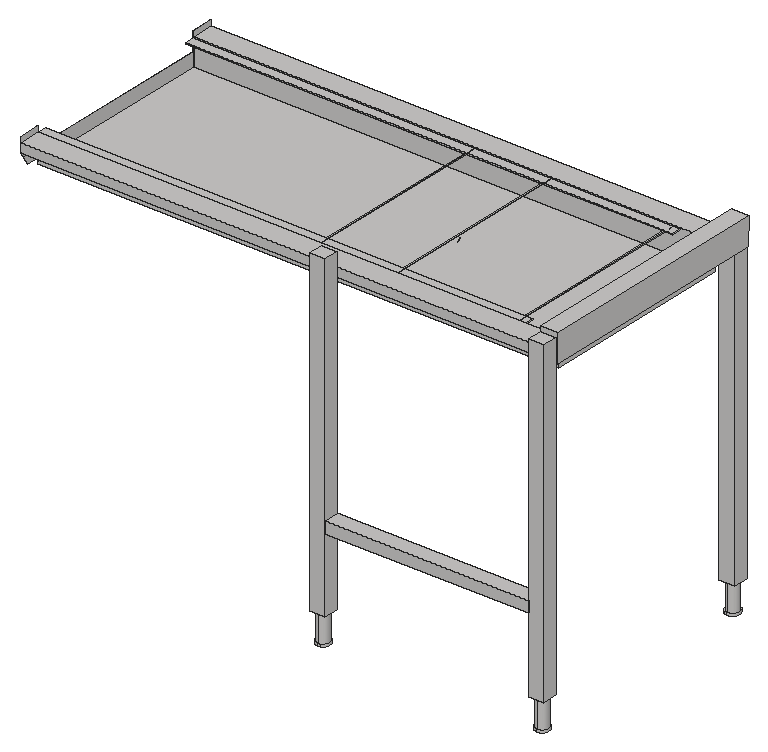
Revit family "QF_ELECTROLUXPROFESSIONAL_863134_HSSL14", category Specialty Equipment, Revit 2018
Family settings
  Round Connector Dimension = Use Diameter
  Part Type = Normal
  Work Plane-Based = No
  Always vertical = Yes
  Cut with Voids When Loaded = No
  Shared = No
  Room Calculation Point = No
Parameters
  Weight = 0.00 kg
  Watts = 0 W
  Volts = 0 V
  URL Manufacturer = "http://professional.electrolux.com/"
  URL = "http://professional.electrolux.com/"
  Steam Supply Size = 0 mm
  Steam Supply Minimum Pressure = 0.0 Pa
  Steam Supply Maximum Pressure = 0.0 Pa
  Steam Pounds per Hour = 0
  Refrigeration Suction Line Size = 0 mm
  Refrigeration Liquid Line Size = 0 mm
  Refrigerant Compressor Remote = yes
  Manufacturer = "Electrolux"
  Phase = 0
  Model = "HSSL14"
  Length Actual = 1400 mm  # constant formula
  Item Number = "863134"
  Hot Water Size = 0 mm
  Height Actual = 922 mm  # constant formula
  HP = "0 HP"
  Gas Size = 0 mm
  Gas KW = 0
  Gas Input Pressure = 0 W
  Description = "SIDE LOADER, DW DRIVEN L=1400"
  Depth Actual = 623 mm  # constant formula
  Cycle = 0 Hz
  Condensate Return Size = 0 mm
  Compressed Air Volume = 0.0 L/s
  Compressed Air Size = 0 mm
  Compressed Air Pressure = 0.0 Pa
  Cold Water Size = 0 mm
  Accessory = yes
Reference planes
  plane 1 "Centro (Fronte/Retro)": y = 74.737
  plane 2: z = 0
  plane 3 "LEFT": x = -1638.761
  plane 4 "BACK": y = 384.737
  plane 5 "FRONT": y = -235.263
  plane 6 "RIGHT": x = -238.761
  plane 7: z = 887.1
  plane 8: x = -838.761
Forms (mm)
  Extrusion 1, solid, material "QF_Finishes_Stainless Steel"
    sketch origin (11.239, 0, 0) x (0, 1, 0) y (0, 0, 1)
      loop
        line (-235.263, 874.1) -> (-235.263, 850.033) -> (-178.263, 850.033) -> (-178.263, 874.1) -> (-235.263, 874.1)
      loop
        line (384.737, 874.1) -> (327.737, 874.1) -> (327.737, 850.033) -> (384.737, 850.033) -> (384.737, 874.1)
    from -1648.8 to -293.54
  Extrusion 2, solid, material "QF_Finishes_Stainless Steel"
    sketch origin (11.239, 0, 0) x (0, 1, 0) y (0, 0, 1)
      loop
        line (-179.749, 850.033) -> (-179.749, 800.081) -> (329.266, 800.081) -> (329.266, 850.033) -> (327.737, 850.033) -> (327.737, 803.081) -> (-178.263, 803.081) -> (-178.263, 850.033) -> (-179.749, 850.033)
    from -1648.8 to -293.54
  Extrusion 3, solid, material "QF_Finishes_Stainless Steel"
    sketch origin (1218.899, 723.253, 4000) x (0, 1, 0) y (0, 0, 1)
      loop
        line (-903.002, -3149.967) -> (-903.002, -3199.919) -> (-393.987, -3199.919) -> (-393.987, -3149.967) -> (-903.002, -3149.967)
    from -1500 to -1501.2
  Extrusion 4, solid, material "QF_Finishes_Stainless Steel"
    sketch origin (-548.761, 803.498, 0) x (0, 1, 0) y (0, 0, 1)
      loop
        line (-1079.929, 300) -> (-1079.929, 270) -> (-1039.929, 270) -> (-1039.929, 300) -> (-1079.929, 300)
    from -264.04 to 266.46
  Extrusion 5, solid, material "QF_Finishes_Stainless Steel"
    sketch origin (-137.561, 723.253, 4000) x (0, 1, 0) y (0, 0, 1)
      loop
        line (-958.516, -3112.9) -> (-958.516, -3149.967) -> (-934.752, -3185.632) -> (-903.002, -3185.632) -> (-903.002, -3199.919) -> (-382.009, -3199.919) -> (-382.009, -3185.632) -> (-362.281, -3185.632) -> (-338.516, -3149.967) -> (-338.516, -3112.9) -> (-395.516, -3112.9) -> (-395.516, -3161.926) -> (-901.516, -3161.926) -> (-901.516, -3112.9) -> (-958.516, -3112.9)
    from -1500 to -1501.2
  Extrusion 6, solid, material "QF_Finishes_Stainless Steel"
    sketch origin (800, 74.737, 0) x (1, 0, 0) y (0, 0, 1)
      loop
        line (-1082.301, 922.1) -> (-1082.301, 850.033) -> (-1038.761, 850.033) -> (-1038.761, 922.1) -> (-1082.301, 922.1)
    from -310 to 310
  Extrusion 7, solid, material "QF_Finishes_Stainless Steel"
    sketch origin (11.239, 0, 40) x (0, 1, 0) y (0, 0, 1)
      loop
        line (-178.263, 831.1) -> (-178.263, 828.1) -> (-152.853, 828.1) -> (-152.853, 831.1) -> (-178.263, 831.1)
      loop
        line (327.737, 828.1) -> (327.737, 831.1) -> (302.405, 831.1) -> (302.405, 828.1) -> (327.737, 828.1)
    from -1648.8 to -381.964
  Extrusion 8, solid, material "QF_Finishes_Stainless Steel"
    sketch origin (0, 74.737, 0) x (1, 0, 0) y (0, 0, 1)
      loop
        circle (-394.266, 866.614) r 1.486
      loop
        circle (-710.724, 866.614) r 1.486
      loop
        circle (-910.724, 866.614) r 1.486
    from -253 to 253
  Revolve 9, solid, material "QF_Finishes_Stainless Steel"
    sketch origin (-838.761, 0, 182.048) x (0, 1, 0) y (0, 0, 1)
      loop
        line (74.737, 618.033) -> (-1.756, 618.033) -> (-1.756, 601.823) -> (0.354, 601.823)
        arc (0.354, 601.823) -> (3.64, 597.973) -> (0.351, 594.125) r 3.897
        line (0.351, 594.125) -> (-1.756, 594.125) -> (-1.756, 551.31)
        arc (-1.756, 551.31) -> (8.91, 520.632) -> (36.296, 503.17) r 49.497
        line (36.296, 503.17) -> (36.296, 500.684) -> (37.487, 497.398) -> (51.25, 491.407) -> (51.25, 455.535) -> (52.727, 454.059) -> (74.737, 454.059) -> (74.737, 618.033)
      axis (74.737, 454.059) -> (74.737, 618.033)
    angle from 0 to 360
Cuts and joins
  joined: Extrusion 1, Extrusion 2, Extrusion 3, Extrusion 5, Extrusion 6, Extrusion 7, Extrusion 8
Lines and regions (mm)
  Masking region 1
    outline origin (0, 0, 0) x (1, 0, 0) y (0, 1, 0)
      loop
        line (-1638.761, 384.737) -> (-1638.761, -235.263) -> (-238.761, -235.263) -> (-238.761, 384.737) -> (-1638.761, 384.737)
  Split face 1
    outline origin (-572.301, 327.737, 803.081) x (-1, 0, 0) y (0, -1, 0)
      loop
        circle (266.46, 253) r 53
  Split face 2
    outline origin (-572.301, 327.737, 803.081) x (-1, 0, 0) y (0, -1, 0)
      loop
        circle (266.46, 253) r 36
  Split face 3
    outline origin (-572.301, 327.737, 803.081) x (-1, 0, 0) y (0, -1, 0)
      loop
        circle (266.46, 253) r 9.1
  Split face 4
    outline origin (-572.301, 327.737, 803.081) x (-1, 0, 0) y (0, -1, 0)
      loop
        circle (266.46, 253) r 3
  Split face 5
    outline origin (-572.301, 327.737, 803.081) x (-1, 0, 0) y (0, -1, 0)
      loop
        circle (266.46, 253) r 26
  symbolic lines
    curve 1: line (-238.761, 384.737, 0) -> (-1638.761, 384.737, 0)
    curve 2: line (-238.761, -235.263, 0) -> (-238.761, 384.737, 0)
    curve 3: line (-1638.761, -235.263, 0) -> (-238.761, -235.263, 0)
    curve 4: line (-282.301, -178.263, 0) -> (-1638.761, -178.263, 0)
    curve 5: line (-282.301, -235.263, 0) -> (-282.301, 384.737, 0)
    curve 6: line (-370.724, -178.263, 0) -> (-370.724, -152.853, 0)
    curve 7: line (-370.724, -152.853, 0) -> (-1638.761, -152.853, 0)
    curve 8: line (-912.211, -152.853, 0) -> (-912.211, 302.327, 0)
    curve 9: line (-1638.761, 327.737, 0) -> (-282.301, 327.737, 0)
    curve 10: line (-909.239, 302.327, 0) -> (-909.239, -152.853, 0)
    curve 11: line (-395.752, -152.853, 0) -> (-395.752, 302.327, 0)
    curve 12: line (-392.779, 302.147, 0) -> (-392.779, -152.853, 0)
    curve 13: line (-370.724, 327.737, 0) -> (-370.724, 302.327, 0)
    curve 14: line (-370.724, 302.327, 0) -> (-1638.761, 302.327, 0)
    curve 15: line (-1638.761, 74.737, 0) -> (-1608.761, 74.737, 0)
    curve 16: line (-547.551, -235.263, 0) -> (-547.551, -205.263, 0)
    curve 17: arc (-838.761, -1.756, 0) -> (-915.254, 74.737, 0) -> (-838.761, 151.231, 0) r 76.494
    curve 18: arc (-838.761, 151.231, 0) -> (-762.267, 74.737, 0) -> (-838.761, -1.756, 0) r 76.494
    curve 19: arc (-838.761, 96.747, 0) -> (-860.771, 74.737, 0) -> (-838.761, 52.727, 0) r 22.01
    curve 20: arc (-838.761, 52.727, 0) -> (-816.751, 74.737, 0) -> (-838.761, 96.747, 0) r 22.01
    curve 21: line (-712.211, -152.853, 0) -> (-712.211, 302.327, 0)
    curve 22: line (-709.239, 302.327, 0) -> (-709.239, -152.853, 0)
Dimensions and locks
  plane 3 "LEFT" to plane 6 "RIGHT" = 1400 mm
  equal spacing: plane 4 "BACK", plane 1 "Centro (Fronte/Retro)", plane 5 "FRONT"
  plane 4 "BACK" to plane 5 "FRONT" = 620 mm
  cut or joined group of Extrusion 1, Extrusion 2, Extrusion 3, Extrusion 5, Extrusion 6, Extrusion 7, Extrusion 8 to cut or joined group of Extrusion 1, Extrusion 2, Extrusion 3, Extrusion 5, Extrusion 6, Extrusion 7, Extrusion 8 = 506 mm
  Extrusion 8 sketch curve to Extrusion 8 sketch curve to Extrusion 8 sketch curve to plane 6 "RIGHT" = 200 mm locked, 316.459 mm locked, 155.505 mm locked
  plane 8 to plane 6 "RIGHT" = 600 mm
  aligned and locked: level to plane 2
Automatic sketch dimensions
  plane 5 "FRONT" to Extrusion 2 sketch curve = 55.514 mm
  Extrusion 2 sketch curve to Extrusion 2 sketch curve = 1.486 mm
  Extrusion 2 sketch curve to plane 4 "BACK" = 57 mm
  Extrusion 2 sketch curve to Extrusion 2 sketch curve = 1.529 mm
  Extrusion 2 sketch curve to plane 7 = 87.019 mm
  Extrusion 2 sketch curve to Extrusion 2 sketch curve = 3 mm
  Extrusion 2 sketch curve to plane 7 = 37.067 mm  (x2)
  plane 5 "FRONT" to Extrusion 3 sketch curve = 55.514 mm
  Extrusion 3 sketch curve to plane 4 "BACK" = 55.471 mm
  Extrusion 3 sketch curve to plane 7 = 87.019 mm
  Extrusion 3 sketch curve to plane 7 = 37.067 mm
  Masking region 1 sketch curve to plane 3 "LEFT" = 0 mm
  Masking region 1 sketch curve to plane 5 "FRONT" = 0 mm
  Masking region 1 sketch curve to plane 6 "RIGHT" = 0 mm
  Masking region 1 sketch curve to plane 4 "BACK" = 0 mm
  Extrusion 4 sketch curve to plane 5 "FRONT" = 41.168 mm
  Extrusion 4 sketch curve to plane 5 "FRONT" = 1.168 mm
  level to Extrusion 4 sketch curve = 270 mm
  Extrusion 4 sketch curve to Extrusion 4 sketch curve = 30 mm
  Extrusion 5 sketch curve to plane 5 "FRONT" = 0 mm
  Extrusion 5 sketch curve to plane 7 = 0 mm  (x2)
  Extrusion 5 sketch curve to plane 4 "BACK" = 0 mm
  plane 5 "FRONT" to Extrusion 5 sketch curve = 23.764 mm
  Extrusion 5 sketch curve to Extrusion 5 sketch curve = 31.75 mm
  plane 5 "FRONT" to Extrusion 5 sketch curve = 57 mm
  Extrusion 5 sketch curve to plane 4 "BACK" = 57 mm
  Extrusion 5 sketch curve to Extrusion 5 sketch curve = 13.508 mm
  Extrusion 5 sketch curve to Extrusion 5 sketch curve = 19.728 mm
  Extrusion 5 sketch curve to plane 7 = 37.067 mm  (x2)
  Extrusion 5 sketch curve to Extrusion 5 sketch curve = 11.959 mm
  Extrusion 5 sketch curve to Extrusion 5 sketch curve = 23.706 mm  (x2)
  Extrusion 5 sketch curve to Extrusion 5 sketch curve = 14.287 mm
  Extrusion 6 sketch curve to plane 6 "RIGHT" = 0 mm
  Extrusion 6 sketch curve to plane 6 "RIGHT" = 43.54 mm
  Extrusion 6 sketch curve to plane 7 = 37.067 mm
  plane 7 to Extrusion 6 sketch curve = 35 mm
  plane 5 "FRONT" to Extrusion 7 sketch curve = 57 mm
  Extrusion 7 sketch curve to plane 4 "BACK" = 57 mm
  Extrusion 7 sketch curve to plane 7 = 16 mm  (x2)
  Extrusion 7 sketch curve to Extrusion 7 sketch curve = 25.41 mm
  Extrusion 7 sketch curve to Extrusion 7 sketch curve = 25.332 mm
  Extrusion 7 sketch curve to Extrusion 7 sketch curve = 3 mm  (x2)
  Extrusion 1 sketch curve to plane 5 "FRONT" = 0 mm
  Extrusion 1 sketch curve to plane 4 "BACK" = 0 mm
  plane 5 "FRONT" to Extrusion 1 sketch curve = 57 mm
  Extrusion 1 sketch curve to plane 7 = 13 mm  (x2)
  Extrusion 1 sketch curve to plane 4 "BACK" = 57 mm
  Extrusion 1 sketch curve to Extrusion 1 sketch curve = 24.067 mm
  Extrusion 1 sketch curve to plane 7 = 37.067 mm
  plane 1 "Centro (Fronte/Retro)" to Revolve 9 sketch curve = 76.494 mm
  Revolve 9 sketch curve to Revolve 9 sketch curve = 0 mm  (x2)
  Revolve 9 sketch curve to Revolve 9 sketch curve = 1.5 mm
  Revolve 9 sketch curve to Revolve 9 sketch curve = 2.107 mm
  Revolve 9 sketch curve to Revolve 9 sketch curve = 2.11 mm
  plane 1 "Centro (Fronte/Retro)" to Revolve 9 sketch curve = 38.441 mm
  Revolve 9 sketch curve to Revolve 9 sketch curve = 1.191 mm
  plane 1 "Centro (Fronte/Retro)" to Revolve 9 sketch curve = 26.996 mm
  Revolve 9 sketch curve to Revolve 9 sketch curve = 13.764 mm
  Revolve 9 sketch curve to Revolve 9 sketch curve = 1.476 mm  (x2)
  Revolve 9 sketch curve to Revolve 9 sketch curve = 22.01 mm
  Revolve 9 sketch curve to plane 7 = 250.993 mm
  Revolve 9 sketch curve to Revolve 9 sketch curve = 35.872 mm
  Revolve 9 sketch curve to Revolve 9 sketch curve = 5.991 mm
  Revolve 9 sketch curve to Revolve 9 sketch curve = 3.286 mm
  Revolve 9 sketch curve to Revolve 9 sketch curve = 2.486 mm
  Revolve 9 sketch curve to Revolve 9 sketch curve = 48.139 mm
  Revolve 9 sketch curve to Revolve 9 sketch curve = 42.815 mm
  Revolve 9 sketch curve to Revolve 9 sketch curve = 3.849 mm
  Revolve 9 sketch curve to Revolve 9 sketch curve = 66.706 mm
  Revolve 9 sketch curve to Revolve 9 sketch curve = 3 mm
  Revolve 9 sketch curve to Revolve 9 sketch curve = 14.991 mm
  Extrusion 8 sketch curve to plane 7 = 20.486 mm  (x3)
  cut or joined group of Extrusion 1, Extrusion 2, Extrusion 3, Extrusion 5, Extrusion 6, Extrusion 7, Extrusion 8 to Split face 1 sketch curve = 556.46 mm
  cut or joined group of Extrusion 1, Extrusion 2, Extrusion 3, Extrusion 5, Extrusion 6, Extrusion 7, Extrusion 8 to Split face 1 sketch curve = 253 mm
  cut or joined group of Extrusion 1, Extrusion 2, Extrusion 3, Extrusion 5, Extrusion 6, Extrusion 7, Extrusion 8 to Split face 2 sketch curve = 556.46 mm
  cut or joined group of Extrusion 1, Extrusion 2, Extrusion 3, Extrusion 5, Extrusion 6, Extrusion 7, Extrusion 8 to Split face 2 sketch curve = 253 mm
  cut or joined group of Extrusion 1, Extrusion 2, Extrusion 3, Extrusion 5, Extrusion 6, Extrusion 7, Extrusion 8 to Split face 3 sketch curve = 556.46 mm
  cut or joined group of Extrusion 1, Extrusion 2, Extrusion 3, Extrusion 5, Extrusion 6, Extrusion 7, Extrusion 8 to Split face 3 sketch curve = 253 mm
  cut or joined group of Extrusion 1, Extrusion 2, Extrusion 3, Extrusion 5, Extrusion 6, Extrusion 7, Extrusion 8 to Split face 4 sketch curve = 556.46 mm
  cut or joined group of Extrusion 1, Extrusion 2, Extrusion 3, Extrusion 5, Extrusion 6, Extrusion 7, Extrusion 8 to Split face 4 sketch curve = 253 mm
  cut or joined group of Extrusion 1, Extrusion 2, Extrusion 3, Extrusion 5, Extrusion 6, Extrusion 7, Extrusion 8 to Split face 5 sketch curve = 556.46 mm
  cut or joined group of Extrusion 1, Extrusion 2, Extrusion 3, Extrusion 5, Extrusion 6, Extrusion 7, Extrusion 8 to Split face 5 sketch curve = 253 mm
  curve 17 to curve 18 = 0 mm  (x2)
  curve 17 to curve 19 = 0 mm  (x2)
  curve 17 to curve 20 = 0 mm  (x2)
  curve 18 to curve 19 = 0 mm  (x2)
  curve 18 to curve 20 = 0 mm  (x2)
  curve 19 to curve 20 = 0 mm  (x2)
  curve 14 to plane 3 "LEFT" = 0 mm
  curve 1 to plane 3 "LEFT" = 0 mm
  plane 1 "Centro (Fronte/Retro)" to curve 15 = 0 mm
  curve 15 to plane 3 "LEFT" = 0 mm
  curve 4 to plane 3 "LEFT" = 0 mm
  curve 3 to plane 3 "LEFT" = 0 mm
  curve 9 to plane 3 "LEFT" = 0 mm
  curve 7 to plane 3 "LEFT" = 0 mm
  plane 1 "Centro (Fronte/Retro)" to curve 20 = 0 mm
  curve 20 to plane 8 = 0 mm
  curve 16 to plane 5 "FRONT" = 0 mm
  curve 5 to plane 4 "BACK" = 0 mm
  curve 2 to plane 6 "RIGHT" = 0 mm
  curve 13 to plane 6 "RIGHT" = 131.964 mm
  curve 7 to plane 6 "RIGHT" = 131.964 mm
  plane 5 "FRONT" to curve 6 = 82.41 mm
  curve 13 to plane 4 "BACK" = 82.41 mm
  curve 15 to curve 15 = 30 mm
  curve 8 to plane 8 = 73.45 mm
  curve 8 to curve 10 = 2.973 mm
  plane 8 to curve 21 = 126.55 mm
  curve 21 to curve 22 = 2.973 mm
  curve 22 to curve 16 = 161.688 mm
  curve 11 to curve 13 = 25.027 mm
  curve 11 to curve 12 = 2.973 mm
  curve 5 to curve 1 = 43.54 mm
  plane 5 "FRONT" to curve 16 = 30 mm
  curve 4 to curve 7 = 25.41 mm
  curve 18 to curve 17 = 76.494 mm
  curve 20 to curve 17 = 22.01 mm
  curve 12 to curve 11 = 0.181 mm
  curve 13 to curve 13 = 25.41 mm
  radius of Extrusion 8 sketch curve = 1.486 mm  (x3)
  radius of Split face 1 sketch curve = 53 mm
  radius of Split face 2 sketch curve = 36 mm
  radius of Split face 3 sketch curve = 9.1 mm
  radius of Split face 4 sketch curve = 3 mm
  radius of Split face 5 sketch curve = 26 mm
Nested families
  nested 1: "Foot_40x40" at (-832.801, -256.431, 0) x (0, 1, 0) z (0, 0, 1), type "Foot_40x40"
    with A 910 mm
  nested 2: "Foot_40x40" at (-262.253, -256.431, 0) x (0, 1, 0) z (0, 0, 1), type "Foot_40x40"
    with A 910 mm
  nested 3: "Foot_40x40" at (-262.253, 363.569, 0) x (0, 1, 0) z (0, 0, 1), type "Foot_40x40"
    with A 850.033 mm
Connectors
  piping at (-838.761, 74.737, 636.107), diameter 30
    settings: on Revolve 9, index 1, connector inside diameter 609.6 mm, connector length 0 mm, flow factor 0, pipe flow 0.0 L/s, pressure drop 0.0 Pa, fitting loss kfactor 0, connector angle 0.00°, fixture units 0, engagement length 0 mm, angle of deflection 0.00°, flow configuration 1, flow direction 2, fitting loss method 0, system type 16, joint type 0, gender type 0, connector reference index -1, connector utility 0, adjustable connector no, is connector primary yes, connector description "Drain"
Definition of nested family "Foot_40x40"
  Parameters
    A [instance] = 850 mm
  Reference planes
    plane 1 "Centro (Fronte/Retro)": y = 0
    plane 2: z = 0
    plane 3 "Centro (Sinistra/Destra)": x = 0
    plane 4: z = 850
  Forms (mm)
    Extrusion 1, solid
      sketch origin (0, 0, 0) x (1, 0, 0) y (0, 1, 0)
        loop
          circle (0, 0) r 18
      from 0 to 5
    Extrusion 2, solid
      sketch origin (0, 0, 5) x (1, 0, 0) y (0, 1, 0)
        loop
          circle (0, 0) r 15
      from 0 to 70
    Extrusion 3, solid
      sketch origin (0, 0, 75) x (1, 0, 0) y (0, 1, 0)
        loop
          line (-20, 20) -> (-20, -20) -> (20, -20) -> (20, 20) -> (-20, 20)
      from 0 to 775
  Dimensions and locks
    "A": plane 4 to plane 2
    aligned and locked: level to plane 2
    aligned and locked: plane 4 to Extrusion 3
    aligned and locked: Extrusion 1 to level
  Automatic sketch dimensions
    plane 1 "Centro (Fronte/Retro)" to Extrusion 1 sketch curve = 0 mm
    Extrusion 1 sketch curve to plane 3 "Centro (Sinistra/Destra)" = 0 mm
    Extrusion 3 sketch curve to Extrusion 3 sketch curve = 40 mm  (x2)
    radius of Extrusion 1 sketch curve = 18 mm
    radius of Extrusion 2 sketch curve to Extrusion 1 = 3 mm
